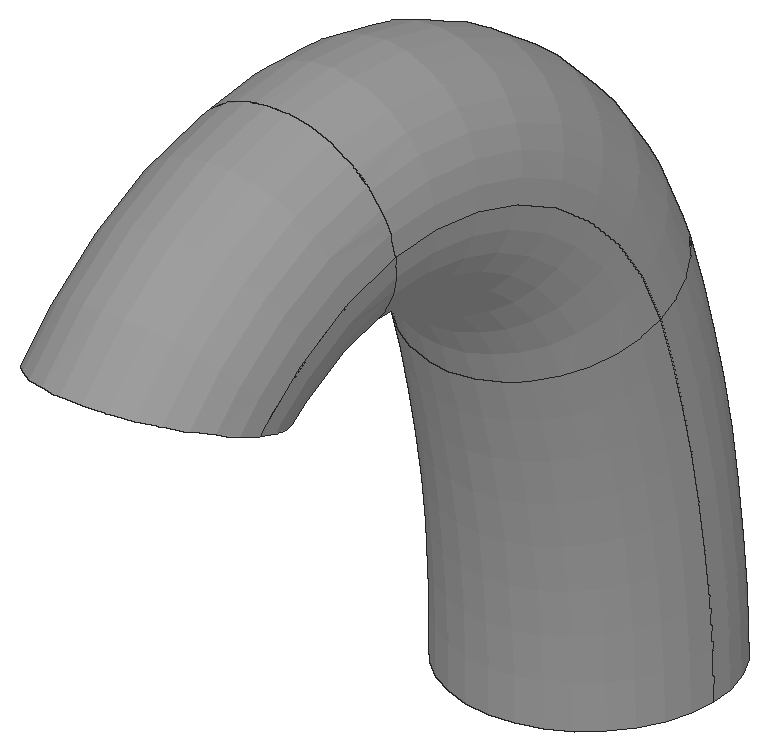
Revit family "Faucet_Sensor-Zurn-Battery_Powered-Z6950-XL", category Plumbing Fixtures, Revit 2015
Parameters
  Water Inlet Radius = 0' - 0 1/2"
  URL = "http://www.zurn.com/"
  Product data url = "https://bimobject.com/zurnindustries/product/zurn-z6950-xl"
  Product Documentation Link = ""
  Model = "Z6950-XL"
  Manufacturer = "Zurn Industries, LLC"
  Faucet_Body_Material = Brass - Zurn - Polished Chrome
  Faucet_Accessory_Material = Plastic - Zurn - High Impact - Black
  Description = "Aqua-FIT™ Battery Powered Faucet"
  Assembly Code = "D2010300"
Reference planes (in)
  plane 1 "Center (Front/Back)": y = 0
  plane 2: z = 0
  plane 3 "Center (Left/Right)": x = 0
Dimensions and locks (in)
  aligned and locked: level to plane 2
  aligned and locked: plane 3 "Center (Left/Right)" to nested 1
  aligned and locked: plane 1 "Center (Front/Back)" to nested 1
  aligned and locked: nested 1 to level
Nested families (in)
  nested 1: "Z6950_Faucet_Assembly" at (0, 0, 0), type "Z6950_Faucet_Assembly"
Connectors (in)
  piping at (0, 0.00002, 0), diameter 1, driven by "Water Inlet Radius"
    settings: on nested 1, index 1, connector inside diameter 1", connector length 0' - 0", flow factor 0, pipe flow 0 GPM, pressure drop 0.00 psi, fitting loss kfactor 0, connector angle 0.00°, fixture units 0, engagement length 0' - 0", angle of deflection 0.00°, flow configuration 0, flow direction 1, fitting loss method 0, system type 7, joint type 0, gender type 0, connector reference index -1, connector utility 1, adjustable connector no, is connector primary yes, connector description "Cold Water Supply"
Definition of nested family "Z6950_Faucet_Assembly"
  Parameters
    Faucet_Body_Material = none
    Faucet_Accessories_Material = none
  Reference planes (in)
    plane 1 "Center (Front/Back)": y = 0
    plane 2: z = 0
    plane 3 "Center (Left/Right)": x = 0
    plane 4: through (480, -1.47814, 2.87994) normal (0, -0.3202, 0.9474)
    plane 5: through (480, -3.40158, 5.79138) normal (0, 0.9867, 0.1625)
    plane 6: through (480, -3.83991, 3.49809) normal (0, -0.3571, -0.9341)
  Forms (in)
    SweptBlend 1, solid, material <- "Faucet_Body_Material", detail levels fine
      path in 3D
        loop
          arc (0, -0.52636, 3.20159) -> (0, -0.13247, 1.62229) -> (0, 0, 0) r 10.00012
      profile origin (0, -0.52636, 3.20159) x (0, 0.947364, 0.320157) y (1, 0, 0)
        loop
          circle (0, 0) r 1.047
      end profile origin (0, 0, 0) x (0, 1, 0.000002) y (1, 0, 0)
        loop
          circle (0, 0) r 1.09
    SweptBlend 2, solid, material <- "Faucet_Body_Material", detail levels fine
      path origin (0, 0, 0) x (0, 1, 0) y (0, 0, 1)
        loop
          arc (-0.52636, 3.20159) -> (-1.58535, 4.51671) -> (-3.24384, 4.83361) r 2.44845
      profile origin (0, -0.52636, 3.20159) x (0, -0.947364, -0.320157) y (1, 0, 0)
        loop
          circle (0, 0) r 1.047
      end profile origin (0, -3.24384, 4.83361) x (0, 0.162512, -0.986707) y (1, 0, 0)
        loop
          circle (0, 0) r 0.9144
    Sweep 3, solid, material <- "Faucet_Body_Material", detail levels fine
      path in 3D
        loop
          arc (0, -3.24384, 4.83361) -> (0, -4.25156, 4.45395) -> (0, -5.03623, 3.71643) r 2.75002
      profile origin (0, -4.25156, 4.45395) x (0, 0.528954, -0.84865) y (1, 0, 0)
        loop
          arc (0, 0.91438) -> (-0.91437, 0) -> (0, -0.91438) r 0.91438
          arc (0, -0.91438) -> (0.91437, 0) -> (0, 0.91438) r 0.91438
    Extrusion 4, void, detail levels fine
      sketch origin (-1.88337, -0.40739, 3.7875) x (0, 0.934075, -0.357076) y (1, 0, 0)
        loop
          circle (-4.09023, 1.88337) r 1.70654
      from 1.26165 to 2.55866
    Extrusion 5, void, detail levels fine
      sketch origin (480, -3.83991, 3.49809) x (0, 0.934075, -0.357076) y (1, 0, 0)
        loop
          spline (-1.03227, -480.78938) -> (-0.80309, -480.7627) -> (-0.58692, -480.68657) -> (-0.39314, -480.56468) -> (-0.23545, -480.40413) -> (-0.12749, -480.20812) -> (-0.09222, -479.9999) -> (-0.12755, -479.79166) -> (-0.23556, -479.5957) -> (-0.3934, -479.43517) -> (-0.58706, -479.31334) -> (-0.8029, -479.23738) -> (-1.03224, -479.21062)
          spline (-1.03224, -479.21062) -> (-1.25015, -479.23529) -> (-1.45414, -479.31081) -> (-1.63093, -479.43239) -> (-1.76969, -479.59567) -> (-1.85816, -479.79107) -> (-1.8878, -479.99987) -> (-1.85812, -480.2092) -> (-1.76979, -480.40428) -> (-1.63086, -480.56754) -> (-1.45416, -480.68913) -> (-1.25036, -480.76463) -> (-1.03227, -480.78938)
      from 0 to -0.4578
    Extrusion 6, solid, material <- "Faucet_Accessories_Material", detail levels fine
      sketch origin (480, -3.67644, 3.92571) x (0, 0.934075, -0.357076) y (1, 0, 0)
        loop
          circle (-0.66228, -480) r 0.33658
        loop
          arc (-1.51944, -480.3) -> (-1.31944, -480.5) -> (-1.11944, -480.3) r 0.2
          line (-1.11944, -480.3) -> (-1.11944, -479.7)
          arc (-1.11944, -479.7) -> (-1.31944, -479.5) -> (-1.51944, -479.7) r 0.2
          line (-1.51944, -479.7) -> (-1.51944, -480.3)
      from 0 to 0.17152
    Extrusion 7, void
      sketch origin (0, 0, 0) x (1, 0, 0) y (0, -1, 0)
        loop
          arc (0.96498, 0) -> (0, 0.96496) -> (-0.96498, 0) r 0.96498
          arc (-0.96498, 0) -> (0, -0.96496) -> (0.96498, 0) r 0.96498
        loop
          circle (0, -0.00002) r 0.363
      from 0 to -0.43348
  Cuts and joins
    Extrusion 7 cuts SweptBlend 1
    Extrusion 4, Extrusion 5 cuts Sweep 3
    joined: SweptBlend 1, SweptBlend 2, Sweep 3
  Lines and regions (in)
    Masking region 1
      outline origin (0, 0, 0) x (1, 0, 0) y (0, 1, 0)
        loop
          line (-1.08922, -0.04071) -> (-0.91438, -4.72039)
          spline (-0.91438, -4.72039) -> (-0.88619, -4.95126) -> (-0.80036, -5.16782) -> (-0.66015, -5.358) -> (-0.47094, -5.50806) -> (-0.24429, -5.60388) -> (0.00018, -5.63634) -> (0.24457, -5.60381) -> (0.47106, -5.50802) -> (0.66018, -5.3581) -> (0.80047, -5.16768) -> (0.88625, -4.95109) -> (0.91438, -4.72039)
          line (0.91438, -4.72039) -> (1.08922, -0.04071)
          arc (1.08922, -0.04071) -> (0, 1.08996) -> (-1.08922, -0.04071) r 1.08998
    Masking region 2
      outline origin (0, 0, 0) x (1, 0, 0) y (0, 0, 1)
        loop
          line (-1.08998, 0) -> (1.08998, 0) -> (1.02338, 3.81547) -> (0.94358, 4.95669)
          arc (0.94358, 4.95669) -> (0.62512, 5.5432) -> (0, 5.77693) r 0.95285
          arc (0, 5.77693) -> (-0.62512, 5.5432) -> (-0.94358, 4.95669) r 0.95285
          line (-0.94358, 4.95669) -> (-1.02338, 3.81547) -> (-1.08998, 0)
    Masking region 3
      outline origin (0, 0, 0) x (0, 1, 0) y (0, 0, 1)
        loop
          arc (-3.74298, 3.71193) -> (-3.42938, 3.84832) -> (-3.09756, 3.93102) r 2.06268
          arc (-3.09756, 3.93102) -> (-2.11592, 3.68349) -> (-1.51819, 2.8664) r 1.49213
          arc (-1.51819, 2.8664) -> (-1.20563, 1.44791) -> (-1.08996, 0) r 10.59788
          line (-1.08996, 0) -> (1.08996, 0)
          arc (1.08996, 0) -> (0.96233, 1.80099) -> (0.46547, 3.53678) r 8.69419
          arc (0.46547, 3.53678) -> (-1.08182, 5.30829) -> (-3.39481, 5.73542) r 3.57583
          arc (-3.39481, 5.73542) -> (-4.63313, 5.29559) -> (-5.62213, 4.43028) r 3.50169
          line (-5.62213, 4.43028) -> (-3.74298, 3.71193)
    sketch lines
      curve 1: arc (0, -0.52636, 3.20159) -> (0, -0.13247, 1.62229) -> (0, 0, 0) r 10.00012
      curve 2: arc (0, -3.24384, 4.83361) -> (0, -4.25156, 4.45395) -> (0, -5.03623, 3.71643) r 2.75002
    model lines, detail levels medium
      curve 3: arc (0, -5.62213, 4.43028) -> (0, -4.63313, 5.29559) -> (0, -3.39481, 5.73542) r 3.50169
      curve 4: arc (0, -3.39481, 5.73542) -> (0, -1.08182, 5.30829) -> (0, 0.46547, 3.53678) r 3.57583
      curve 5: arc (0, 0.46547, 3.53678) -> (0, 0.96233, 1.80099) -> (0, 1.08996, 0) r 8.69419
      curve 6: arc (0, -3.74298, 3.71193) -> (0, -3.42938, 3.84832) -> (0, -3.09756, 3.93102) r 2.06268
      curve 7: arc (0, -3.09756, 3.93102) -> (0, -2.11592, 3.68349) -> (0, -1.51819, 2.8664) r 1.49213
      curve 8: arc (0, -1.51819, 2.8664) -> (0, -1.20563, 1.44791) -> (0, -1.08996, 0) r 10.59788
      curve 16: arc (1.0928, -0.00208, 0) -> (1.08864, -0.11272, 1.62586) -> (1.07301, -0.52807, 3.20159) r 8.59427
      curve 17: arc (1.07301, -0.52807, 3.20159) -> (1.03301, -1.59113, 4.49148) -> (0.97149, -3.22607, 4.83605) r 2.52978
      curve 18: arc (0.97149, -3.22607, 4.83605) -> (0.94098, -4.03697, 4.587) -> (0.91528, -4.7199, 4.08354) r 2.52978
      curve 19: arc (-1.0928, -0.00208, 0) -> (-1.08864, -0.11272, 1.62586) -> (-1.07301, -0.52807, 3.20159) r 8.59427
      curve 20: arc (-1.07301, -0.52807, 3.20159) -> (-1.03301, -1.59113, 4.49148) -> (-0.97149, -3.22607, 4.83605) r 2.52978
      curve 21: arc (-0.97149, -3.22607, 4.83605) -> (-0.94098, -4.03697, 4.587) -> (-0.91528, -4.7199, 4.08354) r 2.52978
    model lines, detail levels coarse+medium
      curve 9: line (-0.91438, -4.72039, 4.08557) -> (0.91438, -4.72039, 4.08557)
      curve 10: line (0.91438, -4.72039, 4.08557) -> (-0.91438, -4.72039, 4.08557)
      curve 11: arc (-1.08998, 0, 0) -> (0, 1.08996, 0) -> (1.08998, 0, 0) r 1.08998
      curve 12: arc (1.08998, 0, 0) -> (0, -1.08996, 0) -> (-1.08998, 0, 0) r 1.08998
      curve 13: arc (0, 0, 0) -> (0, -0.11072, 1.62586) -> (0, -0.52636, 3.20159) r 8.59427
      curve 14: arc (0, -0.52636, 3.20159) -> (0, -1.59018, 4.49148) -> (0, -3.22628, 4.83605) r 2.52978
      curve 15: arc (0, -3.22628, 4.83605) -> (0, -4.03775, 4.587) -> (0, -4.72117, 4.08354) r 2.52978
    symbolic lines, detail levels fine
      curve 22: line (0.49384, 0, 4.24065) -> (0.49384, 0, 4.34219)
      curve 24: spline (-0.34764, 0, 4.30484) -> (-0.38548, 0, 4.30265) -> (-0.42074, 0, 4.29624) -> (-0.45102, 0, 4.28604) -> (-0.47426, 0, 4.27275) -> (-0.48886, 0, 4.25727) -> (-0.49384, 0, 4.24065) -> (-0.48886, 0, 4.22404) -> (-0.47426, 0, 4.20856) -> (-0.45102, 0, 4.19527) -> (-0.42074, 0, 4.18507) -> (-0.38548, 0, 4.17865) -> (-0.34764, 0, 4.17647)
      curve 27: spline (0.34764, 0, 4.30484) -> (0.38548, 0, 4.30265) -> (0.42074, 0, 4.29624) -> (0.45102, 0, 4.28604) -> (0.47426, 0, 4.27275) -> (0.48886, 0, 4.25727) -> (0.49384, 0, 4.24065) -> (0.48886, 0, 4.22404) -> (0.47426, 0, 4.20856) -> (0.45102, 0, 4.19527) -> (0.42074, 0, 4.18507) -> (0.38548, 0, 4.17865) -> (0.34764, 0, 4.17647)
      curve 31: line (-0.49384, 0, 4.24065) -> (-0.49384, 0, 4.34219)
      curve 32: line (-0.34764, 0, 4.30484) -> (0, 0, 4.30484)
      curve 33: line (-0.34764, 0, 4.17647) -> (0, 0, 4.17647)
      curve 34: line (0.34764, 0, 4.30484) -> (0, 0, 4.30484)
      curve 35: line (0.34764, 0, 4.17647) -> (0, 0, 4.17647)
    symbolic lines
      curve 23: spline (0.91828, 0, 4.08557) -> (0.88706, 0, 4.17647) -> (0.79552, 0, 4.26118) -> (0.6499, 0, 4.33391) -> (0.46012, 0, 4.38973) -> (0.23911, 0, 4.42481) -> (0.00195, 0, 4.43678) -> (-0.23521, 0, 4.42481) -> (-0.45621, 0, 4.38973) -> (-0.64599, 0, 4.33391) -> (-0.79162, 0, 4.26118) -> (-0.88316, 0, 4.17647) -> (-0.91438, 0, 4.08557) -> (-0.88316, 0, 3.99467) -> (-0.79162, 0, 3.90996) -> (-0.64599, 0, 3.83722) -> (-0.45621, 0, 3.78141) -> (-0.23521, 0, 3.74632) -> (0.00195, 0, 3.73435) -> (0.23911, 0, 3.74632) -> (0.46012, 0, 3.78141) -> (0.6499, 0, 3.83722) -> (0.79552, 0, 3.90996) -> (0.88706, 0, 3.99467) -> (0.91828, 0, 4.08557)
      curve 25: line (-0.91438, 0, 4.08557) -> (-0.91438, 0, 4.83557)
      curve 28: line (0.91438, 0, 4.08557) -> (0.91438, 0, 4.83557)
    symbolic lines, detail levels medium+fine
      curve 26: spline (0.33338, 0, 4.00411) -> (0.32202, 0, 4.03454) -> (0.28871, 0, 4.0629) -> (0.23573, 0, 4.08726) -> (0.16669, 0, 4.10594) -> (0.08628, 0, 4.11769) -> (0, 0, 4.1217) -> (-0.08628, 0, 4.11769) -> (-0.16669, 0, 4.10594) -> (-0.23573, 0, 4.08726) -> (-0.28871, 0, 4.0629) -> (-0.32202, 0, 4.03454) -> (-0.33338, 0, 4.00411) -> (-0.32202, 0, 3.97368) -> (-0.28871, 0, 3.94532) -> (-0.23573, 0, 3.92097) -> (-0.16669, 0, 3.90228) -> (-0.08628, 0, 3.89053) -> (0, 0, 3.88653) -> (0.08628, 0, 3.89053) -> (0.16669, 0, 3.90228) -> (0.23573, 0, 3.92097) -> (0.28871, 0, 3.94532) -> (0.32202, 0, 3.97368) -> (0.33338, 0, 4.00411)
      curve 29: line (0.33338, 0, 4.00411) -> (0.33338, 0, 4.13603)
      curve 30: line (-0.33338, 0, 4.00411) -> (-0.33338, 0, 4.13603)
  Dimensions and locks (in)
    aligned and locked: level to plane 2
